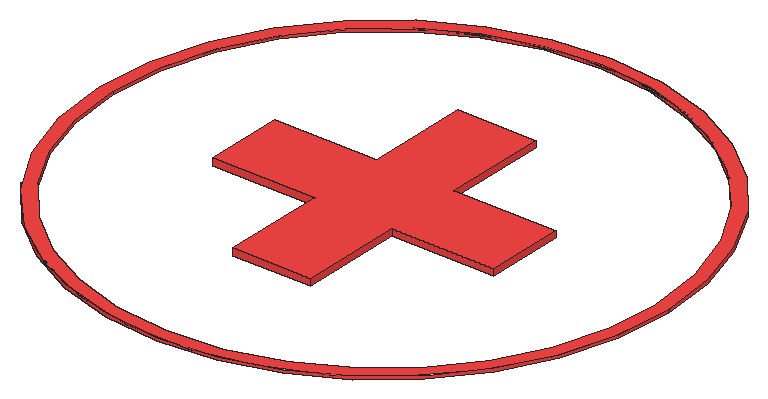
Revit family "HOSPITAL", category Generic Models, Revit 2020
Family settings
  Can host rebar = No
  Round Connector Dimension = Use Diameter
  Part Type = Normal
  Work Plane-Based = No
  Always vertical = Yes
  Cut with Voids When Loaded = No
  Shared = No
  Room Calculation Point = No
Parameters
  Default Elevation = 0 mm
Reference planes
  plane 1 "Center (Front/Back)": y = 0
  plane 2: z = 0
  plane 3 "Center (Left/Right)": x = 0
Forms (mm)
  Extrusion 1, solid, material "hopistal_red"
    sketch origin (-104.434, 60.696, 0) x (1, 0, 0) y (0, 1, 0)
      loop
        circle (104.434, -60.696) r 880
      loop
        circle (104.434, -60.696) r 840
    from 0 to 10
  Extrusion 2, solid, material "hopistal_red"
    sketch origin (-120, -205.009, 0) x (1, 0, 0) y (0, 1, 0)
      loop
        line (0, 640.009) -> (0, -229.991) -> (240, -229.991) -> (240, 640.009) -> (0, 640.009)
    from 0 to 20
  Extrusion 3, solid, material "hopistal_red"
    sketch origin (205.009, -120, 0) x (0, 1, 0) y (-1, 0, 0)
      loop
        line (0, 640.009) -> (0, -229.991) -> (240, -229.991) -> (240, 640.009) -> (0, 640.009)
    from 0 to 20
Cuts and joins
  joined: Extrusion 2, Extrusion 3
Dimensions and locks
  aligned and locked: plane 2 to level
